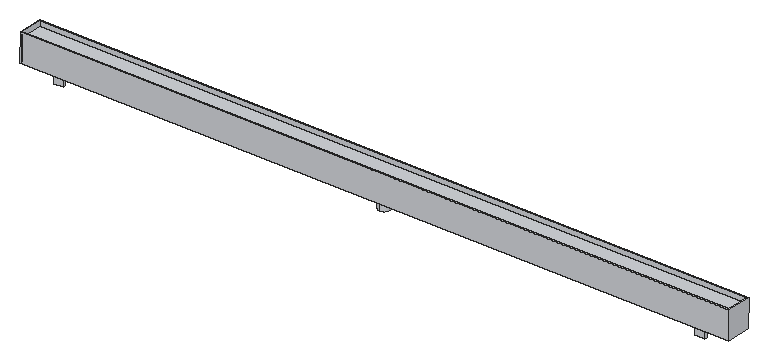
Revit family "Alcon-13150 44  inches-Revit-Family", category Lighting Fixtures, host Face, Revit 2025
Family settings
  Host = Face
  Round Connector Dimension = Use Diameter
  Part Type = Normal
  Cut with Voids When Loaded = No
  Light Source = Yes
  Maintain Annotation Orientation = No
  Shared = No
  Room Calculation Point = No
Parameters
  Wattage = 9.2903 W
  built-in parameter 1150110 = 1 (stored number, unit not read)
  URL = "https://www.alconlighting.com/"
  built-in parameter 1114217 = 1 (stored number, unit not read)
  built-in parameter 1150109 = 1 (stored number, unit not read)
  built-in parameter 1150134 = 3
  built-in parameter 1150113 = 1 (stored number, unit not read)
  Product Page = "https://www.alconlighting.com/13150.html"
  Model = "Alcon 13150"
  Manufacturer = "Alcon Lighting"
  built-in parameter 1150105 = 439.27 (stored number, unit not read)
  Lumens = 1380 lm
  built-in parameter 1150115 = 1 (stored number, unit not read)
  Light Source Symbol Size = 2' - 0"
  built-in parameter 1150137 = (empty or 0)
  built-in parameter 1150139 = (empty or 0)
  Length = 3' - 8 3/4"
  built-in parameter 1150112 = 1 (stored number, unit not read)
  built-in parameter 1150114 = 1 (stored number, unit not read)
  built-in parameter 1150132 = (empty or 0)
  built-in parameter 1150102 = (empty or 0)
  built-in parameter 1150107 = 3200 (stored number, unit not read)
  built-in parameter 1150138 = (empty or 0)
  built-in parameter 1150106 = 4.3927 (stored number, unit not read)
  Emit from Line Length = 2' - 0"
  built-in parameter 1150104 = 13.8 (stored number, unit not read)
  Dimming Lamp Color Temperature Shift = (empty or 0)
  Default Elevation = 4' - 0"
  Color Filter = 16777215
  built-in parameter 1114218 = 1 (stored number, unit not read)
  built-in parameter 1150133 = 10 (stored number, unit not read)
Reference planes (in)
  plane 1 "Center (Front/Back)": y = 0
  plane 2: z = 0
  plane 3 "Center (Left/Right)": x = 0
  plane 4 "Left Grip": x = 2.4492
Forms (in)
  Extrusion 1, solid
    sketch origin (0, 0, 0) x (0, 1, 0) y (0, 0, 1)
      loop
        line (0.75, 0.6875) -> (0.75, 2.4375) -> (-0.75, 2.4375) -> (-0.75, 0.6875) -> (0.75, 0.6875)
    from 0 to 44.75
  Extrusion 2, solid
    sketch origin (11.25, 0.75, 0) x (0, -1, 0) y (1, 0, 0)
      loop
        circle (0.75, 11.125) r 0.34699
    from 0 to 0.6875
  Extrusion 3, solid
    sketch origin (0, 0, 0) x (1, 0, 0) y (0, 1, 0)
      loop
        line (0.07065, 0.6875) -> (0.07065, -0.6875) -> (44.68664, -0.6875) -> (44.68664, 0.6875) -> (0.07065, 0.6875)
    from 2.09676 to 2.15926
  Extrusion 4, solid
    sketch origin (2.4492, 0, 0) x (0, -1, 0) y (0, 0, 1)
      loop
        line (-0.5, 0.6875) -> (-0.5, 0.58696) -> (-0.39894, 0.58696) -> (-0.39894, 0) -> (-0.27394, 0) -> (-0.27394, 0.58696) -> (0.27394, 0.58696) -> (0.27394, 0) -> (0.39894, 0) -> (0.39894, 0.58696) -> (0.5, 0.58696) -> (0.5, 0.6875) -> (-0.5, 0.6875)
    from 0 to 0.625
  Extrusion 5, solid
    sketch origin (20.0508, 0, 0) x (0, 1, 0) y (0, 0, 1)
      loop
        line (0.5, 0.6875) -> (-0.5, 0.6875) -> (-0.5, 0.58696) -> (-0.39894, 0.58696) -> (-0.39894, 0) -> (-0.27394, 0) -> (-0.27394, 0.58696) -> (0.27394, 0.58696) -> (0.27394, 0) -> (0.39894, 0) -> (0.39894, 0.58696) -> (0.5, 0.58696) -> (0.5, 0.6875)
    from 22.25 to 22.875
  Extrusion 6, void
    sketch origin (0, 0, 0) x (0, 1, 0) y (0, 0, 1)
      loop
        line (-0.6875, 0.75) -> (0.6875, 0.75) -> (0.6875, 2.4375) -> (-0.6875, 2.4375) -> (-0.6875, 0.75)
    from 0.07065 to 44.68664
Cuts and joins
  Extrusion 6 cuts Extrusion 1
Dimensions and locks (in)
  locked: Extrusion 4 to plane 4 "Left Grip" at 0.625
  "Length": plane 3 "Center (Left/Right)" to Extrusion 1
  locked: plane 3 "Center (Left/Right)" to Extrusion 3 sketch curve at 0.07065
  locked: Extrusion 3 sketch curve to Extrusion 1 at 0.06336
  equal spacing: plane 3 "Center (Left/Right)", Extrusion 2 sketch curve, Extrusion 1
  Extrusion 5 to Extrusion 5 to Extrusion 1 = 0' - 0 5/8" locked, 0' - 1 211/256" locked
  locked: plane 3 "Center (Left/Right)" to cut or joined group of Extrusion 1, Extrusion 6 at 0.07065
  locked: cut or joined group of Extrusion 1, Extrusion 6 to cut or joined group of Extrusion 1, Extrusion 6 at 0.06336
  aligned and locked: plane 2 to host face
  aligned and locked: level to host face
  aligned and locked: Extrusion 1 to plane 3 "Center (Left/Right)"
Automatic sketch dimensions
  host sketch curve to host sketch curve = 8' - 0"  (x2)
  plane 1 "Center (Front/Back)" to Extrusion 1 sketch curve = 0' - 0 3/4"
  Extrusion 1 sketch curve to plane 1 "Center (Front/Back)" = 0' - 0 3/4"
  level to Extrusion 1 sketch curve = 0' - 0 11/16"
  Extrusion 1 sketch curve to Extrusion 1 sketch curve = 0' - 1 3/4"
  plane 1 "Center (Front/Back)" to Extrusion 3 sketch curve = 0' - 0 11/16"
  Extrusion 3 sketch curve to plane 1 "Center (Front/Back)" = 0' - 0 11/16"
  Extrusion 4 sketch curve to level = 0' - 0"  (x2)
  Extrusion 4 sketch curve to plane 1 "Center (Front/Back)" = 0' - 0 1/2"
  Extrusion 4 sketch curve to Extrusion 4 sketch curve = 0' - 0.10106"  (x2)
  Extrusion 4 sketch curve to Extrusion 4 sketch curve = 0' - 0 1/8"  (x2)
  plane 1 "Center (Front/Back)" to Extrusion 4 sketch curve = 0' - 0.27394"
  level to Extrusion 4 sketch curve = 0' - 0.58696"
  Extrusion 4 sketch curve to Extrusion 4 sketch curve = 0' - 0"  (x2)
  Extrusion 4 sketch curve to Extrusion 4 sketch curve = 0' - 0.10054"
  Extrusion 5 sketch curve to level = 0' - 0"  (x2)
  plane 1 "Center (Front/Back)" to Extrusion 5 sketch curve = 0' - 0 1/2"
  Extrusion 5 sketch curve to Extrusion 5 sketch curve = 0' - 0.10106"  (x2)
  Extrusion 5 sketch curve to Extrusion 5 sketch curve = 0' - 0 1/8"  (x2)
  Extrusion 5 sketch curve to plane 1 "Center (Front/Back)" = 0' - 0.27394"
  level to Extrusion 5 sketch curve = 0' - 0.58696"
  Extrusion 5 sketch curve to Extrusion 5 sketch curve = 0' - 0"  (x2)
  Extrusion 5 sketch curve to Extrusion 5 sketch curve = 0' - 0.10054"
  plane 1 "Center (Front/Back)" to Extrusion 2 sketch curve = 0' - 0"
  plane 1 "Center (Front/Back)" to Extrusion 6 sketch curve = 0' - 0 11/16"
  Extrusion 6 sketch curve to plane 1 "Center (Front/Back)" = 0' - 0 11/16"
  level to Extrusion 6 sketch curve = 0' - 0 3/4"
  Extrusion 6 sketch curve to Extrusion 6 sketch curve = 0' - 1 11/16"
  radius of Extrusion 2 sketch curve = 0' - 0.34699"
